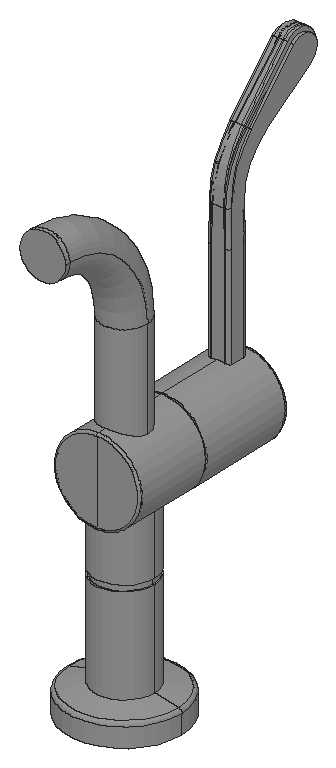
Revit family "Plumbing Fixture_Galvin_Clinilever_Wall_Mixer_CP-BS_TC54FJ1C_W", category Plumbing Fixtures, host Face, Revit 2019
Family settings
  Host = Face
  Round Connector Dimension = Use Diameter
  Part Type = Normal
  Cut with Voids When Loaded = No
  Shared = No
  Room Calculation Point = No
Parameters (values of type "Type 1")
  Waste Connection = no
  Vent Connection = no
  Variants = "Jumper Valve"
  Vandal_Resistant = no
  URL = "http://www.galvinengineering.com.au"
  Thread = "1/2\" BSP F"
  Specify_Host = "Face"
  SKU_Code = "TC54FJ1C"
  Product_Type = "Mixer"
  Product_Range = "Clinilever"
  PlumbingMaterial_ANZRS = Brass
  PlumbingFinish = "Chrome"
  Mounting_Surface = "Wall"
  Mounting = "Wall"
  Manufacturer_Phone_No = "1300-514-074"
  Manufacturer_OverallWidth = 0 mm
  Manufacturer_OverallHeight = 0 mm
  Manufacturer_OverallDepth = 0 mm
  Manufacturer = "Galvin Engineering"
  Instructions = "https://www.galvinengineering.com.au/assets/product_documents/installation_instructions/TC54FJ1C%20Install.pdf"
  HW Connection = yes
  FlowRate = "6.3"
  FilterObject_ANZRS = ""
  Description = "CLINILEVER CHROME PLATED BRASS HOSPITAL WALL BIB TAP TYPE 54 FIXED 150 J/V"
  Default Elevation = 0 mm
  CategoryStyleOrType_ANZRS = "Plumbing Fixture"
  CW Connection = yes
  Application = "Commercial"
  Anti_Ligature = no
Reference planes
  plane 1 "Center (Front/Back)": y = 0
  plane 2: z = 0
  plane 3 "Center (Left/Right)": x = 0
Dimensions and locks
  aligned and locked: plane 2 to host face
  aligned and locked: level to host face
  aligned and locked: plane 3 "Center (Left/Right)" to nested 1
Nested families
  nested 1: "X_GALVIN_CLINILEVER_WALL_MIXER" at (0, 0, 0), type "Type 1"
Definition of nested family "X_GALVIN_CLINILEVER_WALL_MIXER"
  Parameters (values of type "Type 1")
    Waste Connection = no
    Vent Connection = no
    URL = "http://www.galvinengineering.com.au"
    SKU_Code = "TC54FJ1C"
    Manufacturer = "Galvin Engineering"
    HW Connection = yes
    Default Elevation = 0 mm
    CW Connection = yes
  Reference planes
    plane 1 "Center (Front/Back)": y = 0
    plane 2: z = 0
    plane 3 "Center (Left/Right)": x = 0
    plane 4: z = 260
    plane 5: y = -50.587
    plane 6: y = 114.413
    plane 7: z = 110
    plane 8: y = -151
    plane 9: z = 225
  Forms (mm)
    Extrusion 1, solid
      sketch origin (0, 0, 0) x (1, 0, 0) y (0, 1, 0)
        loop
          line (-49.5, 135) -> (-49.5, -50.587) -> (44.766, -50.587) -> (44.766, 135) -> (-49.5, 135)
      from 0 to -66.348
    Revolve 2, solid
      sketch origin (107.5, 0, 0) x (-1, 0, 0) y (0, 0, 1)
        loop
          line (136, 0) -> (136, 9.511)
          arc (136, 9.511) -> (135.554, 10.77) -> (134.416, 11.467) r 2
          line (134.416, 11.467) -> (122.5, 14) -> (122.5, 62) -> (121.7, 62) -> (121.7, 65) -> (122.5, 65) -> (122.5, 110) -> (107.5, 110) -> (107.5, 0) -> (136, 0)
        axis (107.5, 110) -> (107.5, 0)
      angle from 0 to 360
    Revolve 3, solid
      sketch origin (0, 0, 0) x (0, 0, -1) y (0, 1, 0)
        loop
          arc (-88.5, 73) -> (-88.793, 73.707) -> (-89.5, 74) r 1
          line (-89.5, 74) -> (-99.75, 74)
          arc (-99.75, 74) -> (-104.649, 76.271) -> (-110, 77) r 18.143
          line (-110, 77) -> (-110, 74) -> (-110, -17) -> (-89.5, -17)
          arc (-89.5, -17) -> (-88.793, -16.707) -> (-88.5, -16) r 1
          line (-88.5, -16) -> (-88.5, 23) -> (-89.5, 23) -> (-89.5, 24) -> (-88.5, 24) -> (-88.5, 73)
        axis (-110, -17) -> (-110, 77)
      angle from 0 to 360
    Extrusion 4, solid
      sketch origin (0, 4000, -1315) x (0, 0, -1) y (0, 1, 0)
        loop
          line (-1514.893, -3942) -> (-1406.25, -3942) -> (-1406.25, -3931) -> (-1514.084, -3931)
          arc (-1514.084, -3931) -> (-1528.629, -3927.239) -> (-1539.526, -3916.898) r 30
          line (-1539.526, -3916.898) -> (-1556.25, -3890.133)
          arc (-1556.25, -3890.133) -> (-1571.208, -3887.848) -> (-1571.972, -3902.959) r 10.197
          line (-1571.972, -3902.959) -> (-1545.686, -3929.245)
          arc (-1545.686, -3929.245) -> (-1531.558, -3938.685) -> (-1514.893, -3942) r 43.547
      from -3.5 to 3.5
    Extrusion 5, void
      sketch origin (-108.125, 0, -23.75) x (1, 0, 0) y (0, 0, -1)
        loop
          line (107.352, -287.349) -> (104.25, -194.354) -> (101.167, -194.354) -> (101.167, -298.473) -> (115.083, -298.473) -> (115.083, -194.354) -> (112, -194.354) -> (108.898, -287.349) -> (107.352, -287.349)
      from 46.835 to 118.255
    Sweep 6, solid
      path in 3D
        loop
          line (3.5, 69, 91.25) -> (3.5, 69, 181.848) -> (2.929, 69, 198.955)
          spline (2.929, 69, 198.955) -> (2.844, 69.103, 201.523) -> (2.76, 69.413, 204.037) -> (2.678, 69.932, 206.504) -> (2.597, 70.662, 208.928) -> (2.518, 71.597, 211.292) -> (2.442, 72.731, 213.573) -> (2.369, 74.055, 215.749) -> (2.301, 75.556, 217.801) -> (2.237, 77.217, 219.712) -> (2.179, 79.027, 221.468) -> (2.125, 80.987, 223.07) -> (2.077, 83.102, 224.525)
          line (2.077, 83.102, 224.525) -> (1.519, 109.867, 241.25)
          spline (1.519, 109.867, 241.25) -> (1.456, 111.991, 243.122) -> (1.377, 113.519, 245.508) -> (1.286, 114.331, 248.221) -> (1.192, 114.366, 251.053) -> (1.101, 113.621, 253.786) -> (1.02, 112.152, 256.207) -> (0.956, 110.074, 258.132) -> (0.913, 107.549, 259.41) -> (0.895, 104.769, 259.945) -> (0.904, 101.943, 259.692) -> (0.938, 99.303, 258.677) -> (0.994, 97.041, 256.972)
          line (0.994, 97.041, 256.972) -> (1.869, 70.815, 230.746)
          spline (1.869, 70.815, 230.746) -> (1.939, 68.847, 228.649) -> (2.012, 67.034, 226.448) -> (2.089, 65.374, 224.139) -> (2.17, 63.866, 221.72) -> (2.254, 62.515, 219.202) -> (2.341, 61.331, 216.597) -> (2.43, 60.321, 213.92) -> (2.522, 59.49, 211.185) -> (2.614, 58.841, 208.409) -> (2.708, 58.377, 205.604) -> (2.802, 58.097, 202.767) -> (2.898, 58, 199.893)
          line (2.898, 58, 199.893) -> (3.5, 58, 181.848) -> (3.5, 58, 91.25)
      profile origin (3.5, 69, 136.549) x (0, -1, 0) y (1, 0, 0)
        loop
          line (0, 0) -> (2, 0) -> (2, 2)
          arc (2, 2) -> (0.586, 1.414) -> (0, 0) r 2
    Extrusion 7, void
      sketch origin (-81.25, 0, -23.75) x (1, 0, 0) y (0, 0, -1)
        loop
          line (78.475, -287.349) -> (75.374, -194.354) -> (74.292, -194.354) -> (74.292, -298.473) -> (88.208, -298.473) -> (88.208, -194.354) -> (87.126, -194.354) -> (84.025, -287.349) -> (78.475, -287.349)
      from 46.835 to 118.255
    Sweep 8, solid
      path in 3D
        loop
          line (-3.5, 69, 91.25) -> (-3.5, 69, 181.848) -> (-2.929, 69, 198.955)
          spline (-2.929, 69, 198.955) -> (-2.844, 69.103, 201.523) -> (-2.76, 69.413, 204.037) -> (-2.678, 69.932, 206.504) -> (-2.597, 70.662, 208.928) -> (-2.518, 71.597, 211.292) -> (-2.442, 72.731, 213.573) -> (-2.369, 74.055, 215.749) -> (-2.301, 75.556, 217.801) -> (-2.237, 77.217, 219.712) -> (-2.179, 79.027, 221.468) -> (-2.125, 80.987, 223.07) -> (-2.077, 83.102, 224.525)
          line (-2.077, 83.102, 224.525) -> (-1.519, 109.867, 241.25)
          spline (-1.519, 109.867, 241.25) -> (-1.456, 111.991, 243.122) -> (-1.377, 113.519, 245.508) -> (-1.286, 114.331, 248.221) -> (-1.192, 114.366, 251.053) -> (-1.101, 113.621, 253.786) -> (-1.02, 112.152, 256.207) -> (-0.956, 110.074, 258.132) -> (-0.913, 107.549, 259.41) -> (-0.895, 104.769, 259.945) -> (-0.904, 101.943, 259.692) -> (-0.938, 99.303, 258.677) -> (-0.994, 97.041, 256.972)
          line (-0.994, 97.041, 256.972) -> (-1.869, 70.815, 230.746)
          spline (-1.869, 70.815, 230.746) -> (-1.939, 68.847, 228.649) -> (-2.012, 67.034, 226.448) -> (-2.089, 65.374, 224.139) -> (-2.17, 63.866, 221.72) -> (-2.254, 62.515, 219.202) -> (-2.341, 61.331, 216.597) -> (-2.43, 60.321, 213.92) -> (-2.522, 59.49, 211.185) -> (-2.614, 58.841, 208.409) -> (-2.708, 58.377, 205.604) -> (-2.802, 58.097, 202.767) -> (-2.898, 58, 199.893)
          line (-2.898, 58, 199.893) -> (-3.5, 58, 181.848) -> (-3.5, 58, 91.25)
      profile origin (-3.5, 69, 136.549) x (0, -1, 0) y (1, 0, 0)
        loop
          arc (0, 0) -> (0.586, -1.414) -> (2, -2) r 2
          line (2, -2) -> (2, 0) -> (0, 0)
    Extrusion 9, solid
      sketch origin (0, 4000, -1315) x (0, 0, -1) y (0, 1, 0)
        loop
          spline (-1514.023, -3933) -> (-1516.752, -3932.89) -> (-1519.432, -3932.56) -> (-1522.066, -3932.005) -> (-1524.653, -3931.227) -> (-1527.174, -3930.23) -> (-1529.605, -3929.021) -> (-1531.925, -3927.609) -> (-1534.114, -3926.008) -> (-1536.153, -3924.236) -> (-1538.027, -3922.303) -> (-1539.736, -3920.213) -> (-1541.283, -3917.964)
          line (-1541.283, -3917.964) -> (-1557.981, -3891.242)
          spline (-1557.981, -3891.242) -> (-1559.501, -3889.518) -> (-1561.405, -3888.305) -> (-1563.59, -3887.647) -> (-1565.868, -3887.618) -> (-1568.064, -3888.219) -> (-1570.011, -3889.398) -> (-1571.557, -3891.069) -> (-1572.586, -3893.097) -> (-1573.015, -3895.333) -> (-1572.807, -3897.61) -> (-1572.001, -3899.72) -> (-1570.62, -3901.55)
          line (-1570.62, -3901.55) -> (-1544.4, -3927.77)
          spline (-1544.4, -3927.77) -> (-1542.396, -3929.651) -> (-1540.296, -3931.381) -> (-1538.094, -3932.964) -> (-1535.786, -3934.403) -> (-1533.383, -3935.692) -> (-1530.898, -3936.822) -> (-1528.343, -3937.785) -> (-1525.734, -3938.578) -> (-1523.086, -3939.198) -> (-1520.41, -3939.641) -> (-1517.702, -3939.908) -> (-1514.956, -3940)
          line (-1514.956, -3940) -> (-1406.25, -3940) -> (-1406.25, -3933) -> (-1514.023, -3933)
      from -5.5 to 5.5
    Sweep 10, solid
      path origin (0, 0, 0) x (0, 1, 0) y (0, 0, 1)
        loop
          line (0, 122.7) -> (0, 176.722)
          arc (0, 176.722) -> (-14.14, 210.86) -> (-48.278, 225) r 48.278
          line (-48.278, 225) -> (-50.587, 225)
      profile origin (0, 0, 149.711) x (0, -1, 0) y (1, 0, 0)
        loop
          circle (0, 0) r 11.4
  Lines and regions (mm)
    sketch lines
      curve 1: line (3.5, 69, 91.25) -> (3.5, 69, 181.848)
      curve 2: line (2.929, 69, 198.955) -> (3.5, 69, 181.848)
      curve 3: spline (2.929, 69, 198.955) -> (2.844, 69.103, 201.523) -> (2.76, 69.413, 204.037) -> (2.678, 69.932, 206.504) -> (2.597, 70.662, 208.928) -> (2.518, 71.597, 211.292) -> (2.442, 72.731, 213.573) -> (2.369, 74.055, 215.749) -> (2.301, 75.556, 217.801) -> (2.237, 77.217, 219.712) -> (2.179, 79.027, 221.468) -> (2.125, 80.987, 223.07) -> (2.077, 83.102, 224.525)
      curve 4: line (1.519, 109.867, 241.25) -> (2.077, 83.102, 224.525)
      curve 5: spline (1.519, 109.867, 241.25) -> (1.456, 111.991, 243.122) -> (1.377, 113.519, 245.508) -> (1.286, 114.331, 248.221) -> (1.192, 114.366, 251.053) -> (1.101, 113.621, 253.786) -> (1.02, 112.152, 256.207) -> (0.956, 110.074, 258.132) -> (0.913, 107.549, 259.41) -> (0.895, 104.769, 259.945) -> (0.904, 101.943, 259.692) -> (0.938, 99.303, 258.677) -> (0.994, 97.041, 256.972)
      curve 6: line (1.869, 70.815, 230.746) -> (0.994, 97.041, 256.972)
      curve 7: spline (1.869, 70.815, 230.746) -> (1.939, 68.847, 228.649) -> (2.012, 67.034, 226.448) -> (2.089, 65.374, 224.139) -> (2.17, 63.866, 221.72) -> (2.254, 62.515, 219.202) -> (2.341, 61.331, 216.597) -> (2.43, 60.321, 213.92) -> (2.522, 59.49, 211.185) -> (2.614, 58.841, 208.409) -> (2.708, 58.377, 205.604) -> (2.802, 58.097, 202.767) -> (2.898, 58, 199.893)
      curve 8: line (3.5, 58, 181.848) -> (2.898, 58, 199.893)
      curve 9: line (3.5, 58, 181.848) -> (3.5, 58, 91.25)
      curve 10: line (-3.5, 69, 91.25) -> (-3.5, 69, 181.848)
      curve 11: line (-2.929, 69, 198.955) -> (-3.5, 69, 181.848)
      curve 12: spline (-2.929, 69, 198.955) -> (-2.844, 69.103, 201.523) -> (-2.76, 69.413, 204.037) -> (-2.678, 69.932, 206.504) -> (-2.597, 70.662, 208.928) -> (-2.518, 71.597, 211.292) -> (-2.442, 72.731, 213.573) -> (-2.369, 74.055, 215.749) -> (-2.301, 75.556, 217.801) -> (-2.237, 77.217, 219.712) -> (-2.179, 79.027, 221.468) -> (-2.125, 80.987, 223.07) -> (-2.077, 83.102, 224.525)
      curve 13: line (-1.519, 109.867, 241.25) -> (-2.077, 83.102, 224.525)
      curve 14: spline (-1.519, 109.867, 241.25) -> (-1.456, 111.991, 243.122) -> (-1.377, 113.519, 245.508) -> (-1.286, 114.331, 248.221) -> (-1.192, 114.366, 251.053) -> (-1.101, 113.621, 253.786) -> (-1.02, 112.152, 256.207) -> (-0.956, 110.074, 258.132) -> (-0.913, 107.549, 259.41) -> (-0.895, 104.769, 259.945) -> (-0.904, 101.943, 259.692) -> (-0.938, 99.303, 258.677) -> (-0.994, 97.041, 256.972)
      curve 15: line (-1.869, 70.815, 230.746) -> (-0.994, 97.041, 256.972)
      curve 16: spline (-1.869, 70.815, 230.746) -> (-1.939, 68.847, 228.649) -> (-2.012, 67.034, 226.448) -> (-2.089, 65.374, 224.139) -> (-2.17, 63.866, 221.72) -> (-2.254, 62.515, 219.202) -> (-2.341, 61.331, 216.597) -> (-2.43, 60.321, 213.92) -> (-2.522, 59.49, 211.185) -> (-2.614, 58.841, 208.409) -> (-2.708, 58.377, 205.604) -> (-2.802, 58.097, 202.767) -> (-2.898, 58, 199.893)
      curve 17: line (-3.5, 58, 181.848) -> (-2.898, 58, 199.893)
      curve 18: line (-3.5, 58, 181.848) -> (-3.5, 58, 91.25)
  Text (mm)
    text "NOTE: \n\nDelete unused subcategory " at (136.98, -103.393, 0), in view "Ref. Level"
  Dimensions and locks
    plane 6 to plane 5 = 165 mm
    plane 7 to plane 4 = 150 mm
    plane 9 to level = 225 mm
    aligned and locked: plane 2 to Extrusion 1
    aligned and locked: level to Extrusion 1
